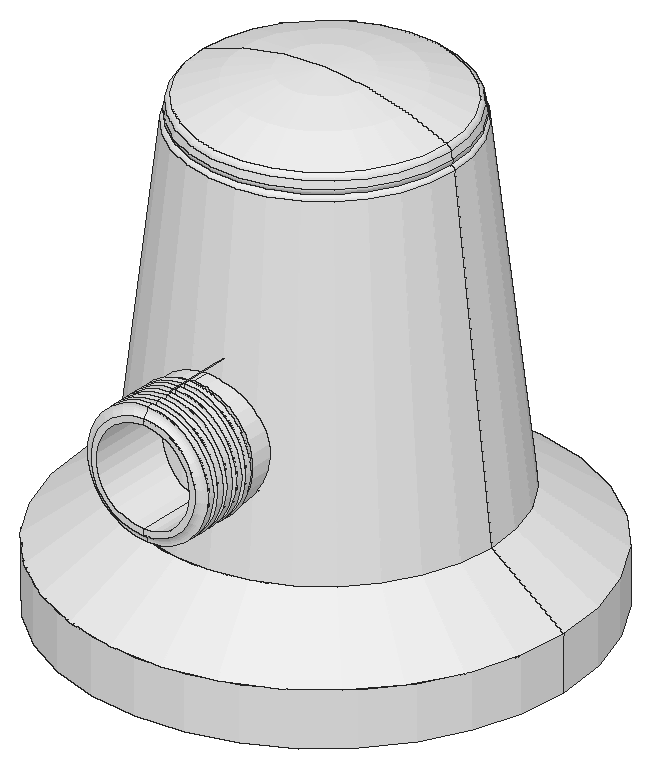
Revit family "Shower_Outlet_Elbow-Grohe-Movario- 28459_Series", category Plumbing Fixtures, host Face, Revit 2018
Family settings
  Host = Face
  Round Connector Dimension = Use Diameter
  Part Type = Normal
  OmniClass Number = 23.45.05.14.17
  OmniClass Title = Showers
  Cut with Voids When Loaded = No
  Shared = Yes
  Room Calculation Point = No
Parameters (values of type "28459000")
  Width = 2 9/16"  # constant formula
  Waste Connection = no
  WFU = 4  # constant formula
  Vent Connection = no
  URL = "https://www.grohe.us/"
  Type Comments = ""
  Tempered Water Connection Diameter = 1/2"  # constant formula
  Tempered Water Connection = yes
  Product Page URL = "https://www.grohe.us/Hand-Showers-Accessories/Wall-Union/GROHE-CHROME-28459000"
  Product Documentation Link = "https://americanstandard.box.com/shared/static/u0epau9lxr0aa6zesqrfv3kn6uscj7tp.pdf"
  Price = "Prices may vary. Please consult Manufacturer Representative for most up-to-date price list."  # constant formula
  Plate Depth Input [instance] = 0"
  Plate Depth [instance] = if(Plate Depth Input > 15/16", 15/16", if(Plate Depth Input < 9/16", 9/16", Plate Depth Input))  # 9/16"
  Model = "28459000"
  Material = "Metal-Grohe-000-StarLight Chrome"
  Manufacturer = "Grohe"  # constant formula
  Length [instance] = (Plate Depth + 2")  # 2 9/16"
  Installation Type = "Wall Mounted"  # constant formula
  IAPMO Compliance = "Energy Policy Act of 1992 and ASME A112.18.1/CSA B125.1"  # constant formula
  HWFU = 3  # constant formula
  HW Connection = no
  Finish = Metal-Grohe-000-StarLight Chrome
  Description = "Movario Shower Outlet Elbow, 1/2 inch NPT Threads"  # constant formula
  Default Elevation = 0"
  Creation Date = "07/20/2021"  # constant formula
  CWFU = 3  # constant formula
  CW Connection = no
  Assembly Code = "D2010710"
Types (3): name | Product Page URL | Model | Material | Finish
  (no name) | "https://www.grohe.us/Hand-Showers-Accessories/Wall-Union/GROHE-CHROME-28459000" | "28459000" | "Metal-Grohe-000-StarLight Chrome" | Metal-Grohe-000-StarLight Chrome
  28459000 | "https://www.grohe.us/Hand-Showers-Accessories/Wall-Union/GROHE-CHROME-28459000" | "28459000" | "Metal-Grohe-000-StarLight Chrome" | Metal-Grohe-000-StarLight Chrome
  28459EN0 | "https://www.grohe.us/Hand-Showers-Accessories/Wall-Union/GROHE-BRUSHED-NICKEL-28459EN0" | "28459EN0" | "Metal-Grohe-EN0-Brushed Nickel Infinity Finish" | Metal-Grohe-EN0-Brushed Nickel Infinity Finish
Reference planes (in)
  plane 1 "Center (Front/Back)": y = 0
  plane 2: z = 0
  plane 3 "Center (Left/Right)": x = 0
  plane 4: x = 1.28125
  plane 5: x = -1.28125
  plane 6: x = 0
  plane 7: z = 0.5625
  plane 8: z = 2.5625
  plane 9: z = 0.28125
Forms (in)
  Revolve 1, solid, material "Metal-Grohe-000-StarLight Chrome" <- "Finish"
    sketch origin (0, 0, 0.375) x (0, 1, 0) y (0, 0, 1)
      loop
        arc (-1.22047, 0.46623) -> (-1.19811, 0.44844) -> (-1.18967, 0.42114) r 0.04841
        line (-1.18967, 0.42114) -> (-1.15842, 0.42114)
        arc (-1.15842, 0.42114) -> (-1.1543, 0.43861) -> (-1.1428, 0.45239) r 0.03906
        arc (-1.1428, 0.45239) -> (-1.1313, 0.43861) -> (-1.12717, 0.42114) r 0.03906
        line (-1.12717, 0.42114) -> (-1.09592, 0.42114)
        arc (-1.09592, 0.42114) -> (-1.0918, 0.43861) -> (-1.0803, 0.45239) r 0.03906
        arc (-1.0803, 0.45239) -> (-1.0688, 0.43861) -> (-1.06467, 0.42114) r 0.03906
        line (-1.06467, 0.42114) -> (-1.03342, 0.42114)
        arc (-1.03342, 0.42114) -> (-1.0293, 0.43861) -> (-1.0178, 0.45239) r 0.03906
        arc (-1.0178, 0.45239) -> (-1.0063, 0.43861) -> (-1.00217, 0.42114) r 0.03906
        line (-1.00217, 0.42114) -> (-0.97092, 0.42114)
        arc (-0.97092, 0.42114) -> (-0.9668, 0.43861) -> (-0.9553, 0.45239) r 0.03906
        arc (-0.9553, 0.45239) -> (-0.9438, 0.43861) -> (-0.93967, 0.42114) r 0.03906
        line (-0.93967, 0.42114) -> (-0.90818, 0.42114) -> (-0.87879, 0.43455) -> (-0.5, 0.43455) -> (-0.5, 0.49705) -> (-1.22047, 0.49705) -> (-1.22047, 0.46623)
      axis (-0.5, 0.74705) -> (-1.22047, 0.74705)
    angle from 0 to 360
  Revolve 2, solid, material "Metal-Grohe-000-StarLight Chrome" <- "Finish"
    sketch origin (0, 0, 1.87926) x (1, 0, 0) y (0, 0, 1)
      loop
        line (0, 0.6798) -> (0, -1.31676) -> (0.8935, -1.31676)
        arc (0.8935, -1.31676) -> (0.82914, -0.4428) -> (0.69482, 0.42317) r 10.90622
        arc (0.69482, 0.42317) -> (0.68526, 0.43846) -> (0.66794, 0.44349) r 0.02528
        arc (0.66794, 0.44349) -> (0.68047, 0.45494) -> (0.68284, 0.47175) r 0.02507
        line (0.68284, 0.47175) -> (0.6748, 0.51027)
        arc (0.6748, 0.51027) -> (0.66693, 0.52698) -> (0.65237, 0.53832) r 0.03973
        arc (0.65237, 0.53832) -> (0.33377, 0.64402) -> (0, 0.6798) r 1.5748
      axis (0, -1.31676) -> (0, 0.6798)
    angle from 360 to 0
  Revolve 3, solid, material "Metal-Grohe-000-StarLight Chrome" <- "Finish"
    sketch origin (0, 0, 0) x (1, 0, 0) y (0, 0, 1)
      loop
        line (0.31339, 0.4375) -> (0.85294, 0.4375) -> (1.15625, 0.2175) -> (1.15625, 0) -> (1.28125, 0) -> (1.28125, 0.28125) -> (0.8935, 0.5625) -> (0.31339, 0.5625) -> (0.31339, 0.4375)
      axis (0, 0.5625) -> (0, 0)
    angle from 360 to 0
  Sweep 4, solid, material "Metal-Grohe-000-StarLight Chrome" <- "Finish"
    path origin (0, 0, 0) x (0, 1, 0) y (0, 0, 1)
      loop
        arc (-0.5, 1.12205) -> (-0.14645, 0.9756) -> (0, 0.62205) r 0.5
        line (0, 0.62205) -> (0, 0)
    profile origin (0, 0, 0.31102) x (1, 0, 0) y (0, 1, 0)
      loop
        circle (0, 0) r 0.25
      loop
        circle (0, 0) r 0.3125
Lines and regions (in)
  Masking region 1
    outline origin (0, 0, 0) x (1, 0, 0) y (0, 0, 1)
      loop
        arc (-0.69513, 2.30042) -> (-0.84223, 1.43693) -> (-0.8935, 0.5625) r 7.95542
        line (-0.8935, 0.5625) -> (-1.28125, 0.28125) -> (-1.28125, 0) -> (1.28125, 0) -> (1.28125, 0.28125) -> (0.8935, 0.5625)
        arc (0.8935, 0.5625) -> (0.84223, 1.43693) -> (0.69513, 2.30042) r 7.95542
        arc (0.69513, 2.30042) -> (0.68606, 2.31709) -> (0.66794, 2.32275) r 0.02528
        arc (0.66794, 2.32275) -> (0.68047, 2.3342) -> (0.68284, 2.35101) r 0.02507
        line (0.68284, 2.35101) -> (0.6748, 2.38953)
        arc (0.6748, 2.38953) -> (0.66693, 2.40624) -> (0.65237, 2.41758) r 0.03973
        arc (0.65237, 2.41758) -> (0.33377, 2.52328) -> (0, 2.55906) r 1.5748
        arc (0, 2.55906) -> (-0.33377, 2.52328) -> (-0.65237, 2.41758) r 1.5748
        arc (-0.65237, 2.41758) -> (-0.66693, 2.40624) -> (-0.6748, 2.38953) r 0.03973
        line (-0.6748, 2.38953) -> (-0.68284, 2.35101)
        arc (-0.68284, 2.35101) -> (-0.68047, 2.3342) -> (-0.66794, 2.32275) r 0.02507
        arc (-0.66794, 2.32275) -> (-0.68606, 2.31709) -> (-0.69513, 2.30042) r 0.02528
  symbolic lines, detail levels medium+fine
    curve 1: line (0.8935, 0, 0.5625) -> (-0.8935, 0, 0.5625)
    curve 2: line (-0.66794, 0, 2.32275) -> (0.66794, 0, 2.32275)
    curve 3: line (1.28125, 0, 0.28125) -> (-1.28125, 0, 0.28125)
Dimensions and locks (in)
  plane 1 "Center (Front/Back)" to Revolve 1 sketch curve to Revolve 1 sketch curve = 1/2" locked, 0.72047" locked
  "Plate Depth": level to plane 7
  locked: Revolve 2 sketch curve to Revolve 2 sketch curve at 0.7085
  equal spacing: Revolve 3 sketch curve, Revolve 3 sketch curve, Revolve 3 sketch curve
  "Width": plane 5 to plane 4
  "Length": level to plane 8
  locked: Revolve 2 to Masking region 1 sketch curve at 1.99656
  equal spacing: host face, Masking region 1 sketch curve, Masking region 1 sketch curve  (x2)
  equal spacing: level, plane 9, plane 7
  aligned and locked: plane 2 to host face
  aligned and locked: level to host face
  aligned and locked: Revolve 2 sketch curve to plane 7
  aligned and locked: Revolve 3 sketch curve to plane 6
  aligned and locked: Masking region 1 sketch curve to Revolve 3
  aligned and locked: plane 4 to Masking region 1 sketch curve
  aligned and locked: plane 5 to Masking region 1 sketch curve
  aligned and locked: curve 1 to Revolve 3
  aligned and locked: curve 2 to Revolve 2
  aligned and locked: plane 9 to curve 3
Automatic sketch dimensions
  host sketch curve to host sketch curve = 96"  (x2)
  Revolve 2 sketch curve to plane 3 "Center (Left/Right)" = 0"  (x2)
  Revolve 2 sketch curve to plane 7 = 0.36335"
  plane 5 to Revolve 2 sketch curve = 8.72542"
  plane 3 "Center (Left/Right)" to Revolve 2 sketch curve = 0.63591"
  Revolve 2 sketch curve to Revolve 2 sketch curve = 0.02238"
  Revolve 2 sketch curve to Revolve 2 sketch curve = 3/256"
  Revolve 2 sketch curve to Revolve 2 sketch curve = 0.03889"
  Revolve 2 sketch curve to Revolve 2 sketch curve = 0.02454"
  plane 4 to Revolve 2 sketch curve = 0.38775"
  Revolve 2 sketch curve to Revolve 2 sketch curve = 0.42175"
  Revolve 2 sketch curve to Revolve 2 sketch curve = 1.3133"
  Revolve 2 sketch curve to Revolve 2 sketch curve = 0.04834"
  Revolve 2 sketch curve to Revolve 2 sketch curve = 0.00512"
  Revolve 2 sketch curve to Revolve 2 sketch curve = 0.03553"
  Revolve 2 sketch curve to Revolve 2 sketch curve = 0.03852"
  Revolve 2 sketch curve to Revolve 2 sketch curve = 0.17763"
  Revolve 2 sketch curve to Revolve 2 sketch curve = 3.06627"
  Revolve 2 sketch curve to Revolve 2 sketch curve = 0.59136"
  Masking region 1 sketch curve to Masking region 1 sketch curve = 0"
  Masking region 1 sketch curve to plane 7 = 0"  (x2)
  Masking region 1 sketch curve to plane 3 "Center (Left/Right)" = 0"
  Masking region 1 sketch curve to plane 7 = 0.02775"  (x2)
  plane 5 to Masking region 1 sketch curve = 5.78063"
  Masking region 1 sketch curve to plane 5 = 0.38775"
  Masking region 1 sketch curve to plane 8 = 0.21149"  (x2)
  Masking region 1 sketch curve to plane 5 = 0.59841"
  Masking region 1 sketch curve to plane 8 = 0.17297"  (x2)
  Masking region 1 sketch curve to Masking region 1 sketch curve = 0.00804"
  Masking region 1 sketch curve to Masking region 1 sketch curve = 0.01282"
  Masking region 1 sketch curve to Masking region 1 sketch curve = 0.02454"  (x2)
  Masking region 1 sketch curve to Masking region 1 sketch curve = 0.03889"  (x2)
  Masking region 1 sketch curve to plane 8 = 0.18108"
  plane 3 "Center (Left/Right)" to Masking region 1 sketch curve = 0.63591"
  Masking region 1 sketch curve to Masking region 1 sketch curve = 0.02238"
  Masking region 1 sketch curve to Masking region 1 sketch curve = 3/256"
  plane 4 to Masking region 1 sketch curve = 0.38775"
  Masking region 1 sketch curve to plane 4 = 5.78063"
  plane 7 to Masking region 1 sketch curve = 0.42175"
  Masking region 1 sketch curve to Masking region 1 sketch curve = 0.05346"  (x2)
  Masking region 1 sketch curve to Masking region 1 sketch curve = 0.00512"  (x2)
  Masking region 1 sketch curve to Masking region 1 sketch curve = 0.00811"
  Masking region 1 sketch curve to Masking region 1 sketch curve = 0.02512"
  Masking region 1 sketch curve to Masking region 1 sketch curve = 0.00964"
  plane 5 to curve 3 = 0"
  curve 1 to plane 7 = 0"
  plane 4 to curve 3 = 0"
  curve 1 to plane 5 = 0.38775"
  curve 2 to plane 5 = 0.61331"
  plane 4 to curve 2 = 0.61331"
  plane 4 to curve 1 = 0.38775"
  Sweep 4 sketch curve to plane 3 "Center (Left/Right)" = 0"
  profile plane to Sweep 4 sketch curve = 0"
  Sweep 4 sketch curve to Sweep 4 sketch curve = 0"  (x2)
  Sweep 4 sketch curve to level = 0"
  Sweep 4 sketch curve to plane 1 "Center (Front/Back)" = 0"
  plane 7 to Sweep 4 sketch curve = 0.05955"
  Sweep 4 sketch curve to Sweep 4 sketch curve = 1/2"
  Revolve 1 sketch curve to Revolve 1 sketch curve = 0.01761"
  Revolve 1 sketch curve to Revolve 1 sketch curve = 0.04841"
  Revolve 1 sketch curve to Revolve 1 sketch curve = 3/128"
  Revolve 1 sketch curve to Revolve 1 sketch curve = 1/128"  (x8)
  Revolve 1 sketch curve to Revolve 1 sketch curve = 1/32"  (x4)
  Revolve 1 sketch curve to Revolve 1 sketch curve = 1/64"  (x3)
  plane 7 to Revolve 1 sketch curve = 0.23364"
  Revolve 1 sketch curve to Revolve 1 sketch curve = 0"  (x4)
  Revolve 1 sketch curve to Revolve 1 sketch curve = 0.01341"
  Revolve 1 sketch curve to Revolve 1 sketch curve = 1/16"
  Revolve 1 sketch curve to Revolve 1 sketch curve = 0.44945"
  Revolve 1 sketch curve to Revolve 1 sketch curve = 0.53557"
  Revolve 1 sketch curve to Revolve 1 sketch curve = 0.02368"
  Revolve 1 sketch curve to Revolve 1 sketch curve = 0.02939"
  Revolve 1 sketch curve to Revolve 1 sketch curve = 1/4"
  Revolve 3 sketch curve to plane 7 = 0"
  Revolve 3 sketch curve to level = 0"
  plane 4 to Revolve 3 sketch curve = 0"
  plane 3 "Center (Left/Right)" to Revolve 3 sketch curve = 0.31339"
  Revolve 3 sketch curve to plane 7 = 1/8"
  plane 4 to Revolve 3 sketch curve = 0.42831"
  Revolve 3 sketch curve to Revolve 3 sketch curve = 0.04056"
  plane 4 to Revolve 3 sketch curve = 1/8"
  Revolve 3 sketch curve to plane 9 = 0.06375"
  Revolve 3 sketch curve to level = 1/4"
  Revolve 3 sketch curve to Revolve 3 sketch curve = 1/4"
  radius of Sweep 4 sketch curve = 1/4"
  radius of Sweep 4 sketch curve = 5/16"
Connectors (in)
  piping at (0, 0, 0), diameter 0.5, driven by "Tempered Water Connection Diameter"
    settings: on Sweep 4, index 1, connector inside diameter 24", connector length 0", flow factor 0, pipe flow 0 GPM, pressure drop 0.00 psi, fitting loss kfactor 0, connector angle 0.00°, fixture units 0, engagement length 0", angle of deflection 0.00°, flow configuration 0, flow direction 1, fitting loss method 0, system type 29, joint type 0, gender type 0, connector reference index -1, connector utility 0, adjustable connector no, is connector primary yes, connector description "1/2\" NPT Tempered Water Supply Inlet"
  piping at (0, -1.22047, 1.12205), diameter 0.5, driven by "Tempered Water Connection Diameter"
    settings: on Revolve 1, index 2, connector inside diameter 24", connector length 0", flow factor 0, pipe flow 0 GPM, pressure drop 0.00 psi, fitting loss kfactor 0, connector angle 0.00°, fixture units 0, engagement length 0", angle of deflection 0.00°, flow configuration 0, flow direction 2, fitting loss method 0, system type 29, joint type 0, gender type 0, connector reference index -1, connector utility 0, adjustable connector no, is connector primary no, connector description "1/2\" NPT Tempered Water Supply Outlet"
